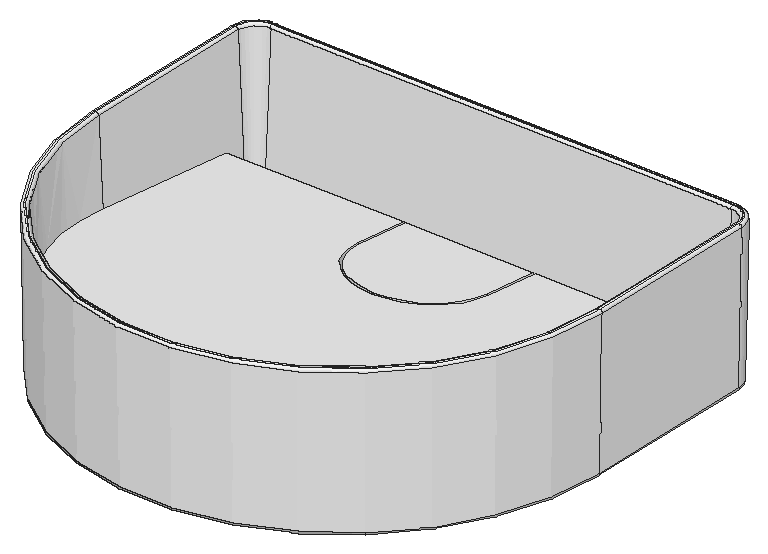
Revit family "Reece_Basin_LAUFEN_Sonar_Above Counter Basin_410 mm", category Plumbing Fixtures, host Face, Revit 2018
Family settings
  Host = Face
  Round Connector Dimension = Use Diameter
  Part Type = Normal
  Cut with Voids When Loaded = No
  Shared = Yes
  Room Calculation Point = Yes
Parameters (values of type "No Taphole_SaphirKeramik_White")
  WFU = 0  # constant formula
  URL = "https://www.reece.com.au/product/-9510138"
  Type Comments = "Basin"
  Reece_Waste_Outlet = 40 mm  # constant formula
  Reece_Product_Web Page = "https://www.reece.com.au/product/-9510138"
  Reece_Product_Type = "Basin"  # constant formula
  Reece_Product_Sub Brand = "Sonar"  # constant formula
  Reece_Product_Number = "9510138"
  Reece_Product_Mount = "Above Counter"
  Reece_Product_Description = "LAUFEN Sonar Above Counter Basin 410mm x 365mm White"
  Reece_Product_Brand = "LAUFEN"  # constant formula
  Reece_Overall_Width = 410 mm  # constant formula
  Reece_Overall_Height = 140 mm  # constant formula
  Reece_Overall_Depth = 365 mm  # constant formula
  Reece_Overall_Capacity = 9.60 L  # constant formula
  Reece_Material-Main = Reece_SaphirKeramik_White
  Reece_Detail_Installation = "Countertop"  # constant formula
  Reece_Detail_Disclaimer = "THIS FILE IS THE PROPERTY OF THE REECE GROUP. IT MAY NOT BE REPRODUCED, REVERSE-ENGINEERED OR MODIFIED. ANY REPUBLICATION, TRANSMISSION OR DISTRIBUTION FOR THE PURPOSE OF COMMERCIALLY EXPLOITING THE FILES IS PROHIBITED."  # constant formula
  Reece_Detail_Connector = "No Taphole"  # constant formula
  Reece_Detail_Additional = "Above Counter Basin"  # constant formula
  Model = "Sonar"
  Manufacturer = "LAUFEN"
  Keynote = "Product #9510138, Reece_Basin_LAUFEN_Sonar_Above Counter Basin_410 mm - No Taphole_SaphirKeramik_White"
  HWFU = 0  # constant formula
  Disclaimer = "THIS FILE IS THE PROPERTY OF THE REECE GROUP. IT MAY NOT BE REPRODUCED, REVERSE-ENGINEERED OR MODIFIED. ANY REPUBLICATION, TRANSMISSION OR DISTRIBUTION FOR THE PURPOSE OF COMMERCIALLY EXPLOITING THE FILES IS PROHIBITED."  # constant formula
  Description = "LAUFEN Sonar Above Counter Basin 410mm x 365mm White"
  Default Elevation = 1000 mm
  CWFU = 0  # constant formula
Types (3, lengths in mm): name | URL | Reece_Product_Web Page | Reece_Product_Number | Reece_Product_Description | Reece_Material-Main | Keynote | Description
  (no name) | "https://www.reece.com.au/product/-9510138" | "https://www.reece.com.au/product/-9510138" | "9510138" | "LAUFEN Sonar Above Counter Basin 410mm x 365mm White" | Reece_SaphirKeramik_White | "Product #9510138, Reece_Basin_LAUFEN_Sonar_Above Counter Basin_410 mm -  " | "LAUFEN Sonar Above Counter Basin 410mm x 365mm White"
  No Taphole_SaphirKeramik_Matte White | "https://www.reece.com.au/product/-9509856" | "https://www.reece.com.au/product/-9509856" | "9509856" | "LAUFEN Sonar Counter Basin 410mm Matte White" | Reece_SaphirKeramik_Matte_White | "Product #9509856, Reece_Basin_LAUFEN_Sonar_Above Counter Basin_410 mm - No Taphole_SaphirKeramik_Matte White" | "LAUFEN Sonar Counter Basin 410mm Matte White"
  No Taphole_SaphirKeramik_White | "https://www.reece.com.au/product/-9510138" | "https://www.reece.com.au/product/-9510138" | "9510138" | "LAUFEN Sonar Above Counter Basin 410mm x 365mm White" | Reece_SaphirKeramik_White | "Product #9510138, Reece_Basin_LAUFEN_Sonar_Above Counter Basin_410 mm - No Taphole_SaphirKeramik_White" | "LAUFEN Sonar Above Counter Basin 410mm x 365mm White"
Reference planes
  plane 1 "Center (Front/Back)": y = -88.392
  plane 2 "Bottom": z = 0
  plane 3 "Center (Left/Right)": x = 0
  plane 4 "Top": z = 119.945
  plane 5: y = 94.108
  plane 6: x = 205
  plane 7: x = -205
  plane 8: y = -270.892
  plane 9 "Center L/U": z = -20.055
  plane 10 "waste": y = 14.108
Forms (mm)
  Sweep 1, solid, material "Reece_SaphirKeramik_White" <- "Reece_Material-Main"
    path origin (0, 0, 0) x (1, 0, 0) y (0, 1, 0)
      loop
        line (-205, 74.108) -> (-205, -65.869)
        arc (-205, -65.869) -> (0, -270.869) -> (205, -65.869) r 205
        line (205, -65.869) -> (205, 74.108)
        arc (205, 74.108) -> (199.142, 88.25) -> (185, 94.108) r 20
        line (185, 94.108) -> (-185, 94.108)
        arc (-185, 94.108) -> (-199.142, 88.25) -> (-205, 74.108) r 20
    profile origin (-205, 4.119, 0) x (1, 0, 0) y (0, 0, 1)
      loop
        line (0.032, 117.911) -> (2.055, 1.965)
        arc (2.055, 1.965) -> (2.653, 0.574) -> (4.055, 0) r 2
        line (4.055, 0) -> (17.491, 0) -> (17.491, 13.316) -> (16.147, 13.316)
        arc (16.147, 13.316) -> (12.361, 14.826) -> (10.655, 18.528) r 5.5
        line (10.655, 18.528) -> (5.44, 118.05)
        arc (5.44, 118.05) -> (4.82, 119.396) -> (3.443, 119.945) r 2
        line (3.443, 119.945) -> (2.032, 119.945)
        arc (2.032, 119.945) -> (0.606, 119.347) -> (0.032, 117.911) r 2
  Extrusion 2, solid, material "Reece_SaphirKeramik_White" <- "Reece_Material-Main"
    sketch origin (0, 0, 0) x (0, 1, 0) y (0, 0, 1)
      loop
        line (-284.277, 84.569) -> (-280.817, 18.55)
        arc (-280.817, 18.55) -> (-279.103, 14.833) -> (-275.301, 13.316) r 5.523
        line (-275.301, 13.316) -> (57.325, 13.316) -> (57.325, 38.778) -> (-275.377, 75.152)
        arc (-275.377, 75.152) -> (-281.558, 78.224) -> (-284.277, 84.569) r 10
    from -205 to 205
  Extrusion 3, solid, material "Reece_SaphirKeramik_White" <- "Reece_Material-Main"
    sketch origin (0, 0, 0) x (1, 0, 0) y (0, 1, 0)
      loop
        arc (-185.009, 76.617) -> (-186.777, 75.885) -> (-187.509, 74.117) r 2.5
        line (-187.509, 74.117) -> (-187.509, -65.869)
        arc (-187.509, -65.869) -> (0, -253.378) -> (187.509, -65.869) r 187.509
        line (187.509, -65.869) -> (187.509, 74.117)
        arc (187.509, 74.117) -> (186.777, 75.885) -> (185.009, 76.617) r 2.5
        line (185.009, 76.617) -> (-185.009, 76.617)
    from 0 to 13.316
  Extrusion 4, void
    sketch origin (0, 0, 0) x (1, 0, 0) y (0, 1, 0)
      loop
        line (-202, 57.325) -> (-202, -65.869)
        arc (-202, -65.869) -> (0, -267.869) -> (202, -65.869) r 202
        line (202, -65.869) -> (202, 57.325) -> (-202, 57.325)
      loop
        line (-260.017, 94.108) -> (-260.017, -292.946) -> (260.023, -292.946) -> (260.023, 94.108) -> (-260.017, 94.108)
    from 0 to 250
  Extrusion 5, void
    sketch origin (0, 0.312, 0) x (1, 0, 0) y (0, 1, 0)
      loop
        circle (0.018, 13.323) r 23.022
      loop
        circle (0.018, 13.323) r 20.5
      loop
        circle (0, 13.795) r 32.846
    from 0 to -20.055
  Extrusion 6, void
    sketch origin (0, 0, 0) x (1, 0, 0) y (0, 1, 0)
      loop
        line (-53.133, 58.444) -> (-53.133, 11.328)
        arc (-53.133, 11.328) -> (-37.573, -26.23) -> (-0.01, -41.778) r 53.106
        arc (-0.01, -41.778) -> (37.521, -26.216) -> (53.065, 11.322) r 53.1
        line (53.065, 11.322) -> (53.065, 58.43)
        arc (53.065, 58.43) -> (52.488, 59.843) -> (51.088, 60.449) r 2.02
        line (51.088, 60.449) -> (51.088, 11.393)
        arc (51.088, 11.393) -> (36.126, -24.739) -> (0, -39.715) r 51.108
        arc (0, -39.715) -> (-36.152, -24.753) -> (-51.128, 11.393) r 51.108
        line (-51.128, 11.393) -> (-51.128, 60.449)
        arc (-51.128, 60.449) -> (-52.546, 59.862) -> (-53.133, 58.444) r 2.005
    from 31.925 to 68.592
  Revolve 7, solid, material "Reece_SaphirKeramik_White" <- "Reece_Material-Main"
    sketch origin (0, 0.58, -6.25) x (0, 1, 0) y (0, 0, 1)
      loop
        line (13.528, -13.805) -> (13.528, 11.195) -> (-21.624, 11.195) -> (-9.966, -13.805) -> (13.528, -13.805)
      axis (13.528, 11.195) -> (13.528, -13.805)
    angle from 0 to 360
  Revolve 8, void
    sketch origin (0, 0, 0) x (0, 1, 0) y (0, 0, 1)
      loop
        line (34.108, -20.055) -> (34.108, 31.925) -> (14.108, 31.925) -> (14.108, -20.055) -> (34.108, -20.055)
      axis (14.108, 31.925) -> (14.108, -20.055)
    angle from 0 to 360
  Extrusion 9, void
    sketch origin (0, 0, 0) x (0, 1, 0) y (0, 0, 1)
      loop
        line (57.325, 31.925) -> (57.325, 32.925) -> (-41.778, 32.925) -> (-41.778, 31.925) -> (57.325, 31.925)
    from -53.133 to 53.065
  Revolve 10, void
    sketch origin (0, 14.108, 0) x (1, 0, 0) y (0, 0, 1)
      loop
        line (0, 0) -> (0, -100) -> (40, -100) -> (40, 0) -> (0, 0)
      axis (0, 0) -> (0, -100)
    angle from 0 to 360
Cuts and joins
  Revolve 8 cuts Sweep 1
  Extrusion 4, Extrusion 6, Revolve 8, Extrusion 9 cuts Extrusion 2
  Revolve 8 cuts Extrusion 3
  Revolve 8 cuts Revolve 7
  joined: Sweep 1, Extrusion 2, Extrusion 3, Revolve 7
Text (mm)
  text "Reece Copyright © 2018, Reece Ltd." at (276.121, -503.036, 0), in view "Ref. Level"
  text "Reece ©" at (44.384, 258.95, 192.345), in view "Reece Preview"
Dimensions and locks
  equal spacing: plane 7, plane 3 "Center (Left/Right)", plane 6
  "Reece_Overall_Width": plane 7 to plane 6
  "Reece_Overall_Depth": plane 5 to plane 8
  equal spacing: plane 5, plane 1 "Center (Front/Back)", plane 8
  "Reece_Overall_Height": plane 4 "Top" to plane 9 "Center L/U"
  plane 4 "Top" to plane 9 "Center L/U" = 140 mm  (x2)
  plane 4 "Top" to host face = 119.945 mm
  plane 5 to plane 8 = 365 mm
  plane 7 to plane 6 = 410 mm
  plane 5 to plane 10 "waste" = 80 mm  (x2)
  plane 4 "Top" to level = 119.945 mm  (x2)
  plane 8 to plane 5 = 365 mm
  plane 10 "waste" to plane 5 = 80 mm
  plane 6 to plane 7 = 410 mm
  level to plane 4 "Top" = 119.945 mm
  aligned and locked: host face to plane 2 "Bottom"
  aligned and locked: level to host face
Automatic sketch dimensions
  host sketch curve to host sketch curve = 801.051 mm
  host sketch curve to host sketch curve = 660.299 mm
  Sweep 1 sketch curve to plane 7 = 0 mm
  Sweep 1 sketch curve to plane 5 = 0 mm
  Sweep 1 sketch curve to plane 3 "Center (Left/Right)" = 0 mm
  Sweep 1 sketch curve to plane 7 = 20 mm
  Sweep 1 sketch curve to plane 5 = 20 mm
  Sweep 1 sketch curve to plane 1 "Center (Front/Back)" = 22.523 mm
  Sweep 1 sketch curve to level = 0 mm
  Sweep 1 sketch curve to profile plane = 0.032 mm
  Sweep 1 sketch curve to profile plane = 2.032 mm
  Sweep 1 sketch curve to profile plane = 2.055 mm
  Sweep 1 sketch curve to Sweep 1 sketch curve = 1.411 mm
  Sweep 1 sketch curve to Sweep 1 sketch curve = 2 mm
  Sweep 1 sketch curve to Sweep 1 sketch curve = 1.997 mm
  Sweep 1 sketch curve to profile plane = 10.655 mm
  Sweep 1 sketch curve to Sweep 1 sketch curve = 5.492 mm
  Sweep 1 sketch curve to Sweep 1 sketch curve = 1.344 mm
  level to Sweep 1 sketch curve = 1.965 mm
  Sweep 1 sketch curve to Sweep 1 sketch curve = 13.316 mm
  Sweep 1 sketch curve to Sweep 1 sketch curve = 5.212 mm
  Sweep 1 sketch curve to Sweep 1 sketch curve = 99.382 mm
  Sweep 1 sketch curve to Sweep 1 sketch curve = 0.035 mm
  Sweep 1 sketch curve to Sweep 1 sketch curve = 0 mm
  Extrusion 3 sketch curve to plane 3 "Center (Left/Right)" = 0 mm
  Extrusion 3 sketch curve to plane 7 = 19.991 mm
  Extrusion 3 sketch curve to Extrusion 3 sketch curve = 2.5 mm  (x2)
  Extrusion 3 sketch curve to plane 1 "Center (Front/Back)" = 22.523 mm
  Extrusion 3 sketch curve to plane 5 = 19.991 mm
  Extrusion 4 sketch curve to plane 5 = 0 mm
  Extrusion 4 sketch curve to plane 7 = 3 mm
  Extrusion 4 sketch curve to plane 3 "Center (Left/Right)" = 0 mm
  plane 7 to Extrusion 4 sketch curve = 55.017 mm
  plane 6 to Extrusion 4 sketch curve = 55.023 mm
  Extrusion 4 sketch curve to plane 5 = 36.783 mm
  Extrusion 4 sketch curve to plane 1 "Center (Front/Back)" = 22.523 mm
  plane 8 to Extrusion 4 sketch curve = 22.054 mm
  plane 8 to Extrusion 2 sketch curve = 13.385 mm
  plane 8 to Extrusion 2 sketch curve = 9.925 mm
  Extrusion 2 sketch curve to Extrusion 2 sketch curve = 5.515 mm
  Extrusion 2 sketch curve to Extrusion 2 sketch curve = 8.899 mm
  Extrusion 2 sketch curve to Extrusion 2 sketch curve = 1.087 mm
  level to Extrusion 2 sketch curve = 13.316 mm
  Extrusion 2 sketch curve to plane 5 = 36.783 mm
  Extrusion 2 sketch curve to Extrusion 2 sketch curve = 5.234 mm
  Extrusion 2 sketch curve to Extrusion 2 sketch curve = 25.462 mm
  Extrusion 2 sketch curve to Extrusion 2 sketch curve = 56.313 mm
  Extrusion 2 sketch curve to Extrusion 2 sketch curve = 9.417 mm
  Extrusion 6 sketch curve to plane 3 "Center (Left/Right)" = 53.133 mm
  Extrusion 6 sketch curve to Extrusion 6 sketch curve = 2.005 mm
  Extrusion 6 sketch curve to plane 3 "Center (Left/Right)" = 0.02 mm  (x2)
  Extrusion 6 sketch curve to Extrusion 6 sketch curve = 0.007 mm
  Extrusion 6 sketch curve to Extrusion 6 sketch curve = 0.016 mm
  plane 3 "Center (Left/Right)" to Extrusion 6 sketch curve = 51.088 mm
  Extrusion 6 sketch curve to Extrusion 6 sketch curve = 2.02 mm
  Extrusion 6 sketch curve to plane 5 = 82.715 mm
  Extrusion 6 sketch curve to Extrusion 6 sketch curve = 0.065 mm  (x2)
  Extrusion 6 sketch curve to Extrusion 6 sketch curve = 0.071 mm
  Extrusion 6 sketch curve to plane 5 = 35.664 mm
  Extrusion 6 sketch curve to plane 5 = 35.678 mm
  Revolve 8 sketch curve to plane 10 "waste" = 0 mm  (x2)
  Revolve 8 sketch curve to plane 9 "Center L/U" = 0 mm
  Revolve 8 sketch curve to plane 10 "waste" = 20 mm
  plane 9 "Center L/U" to Revolve 8 sketch curve = 0.28 mm
  Revolve 8 sketch curve to Revolve 8 sketch curve = 24.612 mm
  Extrusion 9 sketch curve to plane 5 = 36.783 mm
  level to Extrusion 9 sketch curve = 31.925 mm
  Extrusion 9 sketch curve to Extrusion 9 sketch curve = 1 mm
  Extrusion 9 sketch curve to plane 1 "Center (Front/Back)" = 46.614 mm
  Revolve 7 sketch curve to plane 9 "Center L/U" = 0 mm
  level to Revolve 7 sketch curve = 4.945 mm
  plane 10 "waste" to Revolve 7 sketch curve = 35.152 mm
  plane 10 "waste" to Revolve 7 sketch curve = 23.494 mm
  plane 10 "waste" to Revolve 7 sketch curve = 0 mm  (x2)
  Revolve 7 sketch curve to plane 9 "Center L/U" = 33.22 mm
  Revolve 7 sketch curve to Revolve 7 sketch curve = 46.78 mm
  level to Revolve 8 sketch curve = 31.925 mm
  Extrusion 5 sketch curve to Extrusion 5 sketch curve = 0 mm  (x2)
  Extrusion 5 sketch curve to plane 3 "Center (Left/Right)" = 0 mm
  plane 3 "Center (Left/Right)" to Extrusion 5 sketch curve = 0.018 mm
  plane 10 "waste" to Extrusion 5 sketch curve = 0.473 mm
  plane 10 "waste" to Extrusion 5 sketch curve = 0 mm
  Revolve 10 sketch curve to plane 3 "Center (Left/Right)" = 0 mm  (x2)
  Revolve 10 sketch curve to level = 0 mm
  plane 3 "Center (Left/Right)" to Revolve 10 sketch curve = 40 mm
  Revolve 10 sketch curve to plane 9 "Center L/U" = 79.945 mm
  Revolve 10 sketch curve to Revolve 10 sketch curve = 60.055 mm
  Revolve 10 sketch curve to plane 4 "Top" = 20 mm
  radius of Extrusion 5 sketch curve = 23.022 mm
  radius of Extrusion 5 sketch curve = 20.5 mm
  radius of Extrusion 5 sketch curve = 32.846 mm
Connectors
  piping at (0, 14.108, -20.055), diameter 40, driven by "Reece_Waste_Outlet"
    settings: on cut or joined group of Sweep 1, Extrusion 2, Extrusion 3, Extrusion 4, Extrusion 6, Revolve 7, Revolve 8, Extrusion 9, index 1, connector inside diameter 609.6 mm, connector length 0 mm, flow factor 0, pipe flow 0.0 L/s, pressure drop 0.0 Pa, fitting loss kfactor 0, connector angle 0.00°, fixture units 0, engagement length 0 mm, angle of deflection 0.00°, flow configuration 0, flow direction 2, fitting loss method 0, system type 16, joint type 0, gender type 0, connector reference index -1, connector utility 0, adjustable connector no, is connector primary yes, connector description ""
